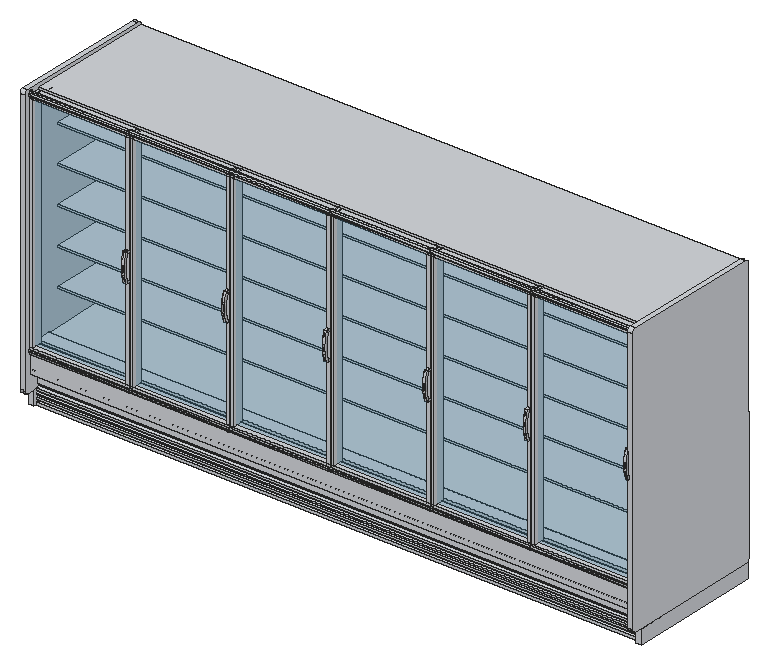
Revit family
Parameters (values of type "ORZH-6 DOOR")
  WIDTH = 42 9/16"  # constant formula
  WEIGHT = 0.00 lbf  # constant formula
  WATER LINE MOUNTING HEIGHT ABOVE FLOOR = 0"  # constant formula
  VOLTAGE = 120 V  # constant formula
  URL = "http://www.hillphoenix.com/?s=ORZH"
  TOP REFRIGERATION [instance] = yes
  TOP ELECTRICAL [instance] = yes
  TIME OFF DEFROST = yes
  T8 LIGHTING BTU ADD PER ROW = 0
  T8 LIGHTING AMPS = T8 LIGHTING AMPS PER ROW * (SHELF LIGHT ROWS + CORNICE AND NOSE LIGHT ROWS)  # 0 A
  STREAMLYNE BUMPER OPTION [instance] = BUMPER TYPE = 2  # no
  STANDARD BUMPER [instance] = BUMPER TYPE = 1  # yes
  SHELVE 5 = yes
  SHELVE 4 = yes
  SHELF LIGHT ROWS = 1  # constant formula
  REVERSE AIR DEFROST = no
  REF PIPE LENGTH = 28 5/8"
  PARALLEL EVAPORATOR LOAD = (BTU PER FOOT PARALLEL * LENGTH FOR BTU) + BTU ADD FOR LIGHTS  # 0
  LIGHTING WATTAGE = if(T8 LIGHT OR LED LIGHT, T8 LIGHTING WATTAGE, LED LIGHTING WATTAGE)  # 0 VA
  LIGHT AMPS = if(T8 LIGHT OR LED LIGHT, T8 LIGHTING AMPS, LED LIGHTING AMPS)  # 0 A
  TOTAL CASE WATTAGE = FAN WATTAGE + ANTI SWEAT HEATER WATTAGE + LIGHTING WATTAGE  # 0 W
  TOTAL CASE AMPS = ANTI SWEAT HEATER AMPS + FAN AMPS + LIGHT AMPS  # 0 A
  TOTAL APPARENT FAN-LIGHT AND A/S LOAD = TOTAL CASE WATTAGE / POWER FACTOR  # 0 VA
  TOEKICK INSET = 1 1/2"  # constant formula
  TOEKICK HEIGHT = 5 1/2"  # constant formula
  TOE KICK [instance] = none
  T8 LIGHTING WATTAGE = VOLTAGE * T8 LIGHTING AMPS  # 0 W
  T8 LIGHTING AMPS PER ROW = 0 A
  T8 LIGHT OR LED LIGHT = no
  SUCTION LINE RADIUS = 7/16"  # constant formula
  SUCTION LINE DIAMETER = SUCTION LINE RADIUS * 2  # 7/8"
  SUCTION LINE CONNECTION = "SUCTION LINE CONNECTION"  # constant formula
  SIZE OF HOT WATER HOOK-UP = 0"  # constant formula
  SIZE OF COLD WATER HOOK UP = 0"  # constant formula
  SHELVE LENGTH = 30"
  SET BACK MODE FOR ENERGY CONSERVATION = "NO"  # constant formula
  RUBBER BUMPER [instance] = none
  RIGHT END [instance] = yes
  REFRIGERATION PIPING [instance] = none
  REF PLANE LEFT RIGHT = LENGTH / 2  # 90"
  REF PLANE FRONT BACK = WIDTH / 2  # 21 9/32"
  RECEPTICAL MOUNTING HEIGHT ABOVE FLOOR = 19 3/4"  # constant formula
  REAR REFRIGERATION [instance] = no
  PVC PIPE [instance] = none
  PRESSURE REGULATOR = 0.00 in-wg  # 0.00 psi
  POWER FACTOR = 1  # constant formula
  PNET NUMBER = "NA"  # constant formula
  PHASE = 1  # constant formula
  PAINTED METAL UPPER SHELF [instance] = none
  PAINTED METAL INTERIOR [instance] = none
  PAINTED METAL EXTERIOR [instance] = none
  NUMBER OF WIRES = 3  # constant formula
  NEMA PLUG TYPE = "N/A"  # constant formula
  Model = "ORZH-6 DOOR"
  Manufacturer = "HILL PHOENIX"  # constant formula
  MASTER BUMPER [instance] = none
  LIQUID LINE RADIUS = 3/16"  # constant formula
  LIQUID LINE DIAMETER = LIQUID LINE RADIUS * 2  # 3/8"
  LIQUID LINE CONNECTION = "LIQUID LINE CONNECTION"  # constant formula
  LIGHTING NUMBER OF POLES = 1
  LIGHTING CONNECTION DESCRIPTION = "LIGHTING CONNECTOR"  # constant formula
  LIGHTING APPARENT LOAD = (VOLTAGE * LIGHT AMPS) / POWER FACTOR  # 0 VA
  LIGHT TYPE = if(T8 LIGHT OR LED LIGHT, "N/A", "CLEARVOYANT LED")  # "CLEARVOYANT LED"
  LENGTH FOR BTU = LENGTH / 12"  # 15
  LENGTH = 180"
  LEGEND NUMBER = Model  # "ORZH-6 DOOR"
  LEFT END [instance] = yes
  LED LIGHTING WATTAGE = VOLTAGE * LED LIGHTING AMPS  # 0 W
  LED LIGHTING BTU ADD PER ROW = 0
  LED LIGHTING AMPS PER ROW = 0 A
  LED LIGHTING AMPS = LED LIGHTING AMPS PER ROW * (SHELF LIGHT ROWS + CORNICE AND NOSE LIGHT ROWS)  # 0 A
  Keynote = "FROZEN FOOD / ICE CREAM"  # constant formula
  ISOLATED GROUND REQUIRED = "NO"  # constant formula
  HOT GAS DEFROST = no
  HILL PHOENIX DRAWING NUMBER = "NA"  # constant formula
  HEIGHT = 85 1/4"  # constant formula
  HALF BUMPER OPTION [instance] = BUMPER TYPE = 3  # no
  GROUND FAULT PROTECTION = "NO"  # constant formula
  FRONT PANEL [instance] = none
  FAN WATTAGE = 0 W
  FAN TYPE = "ECM"  # constant formula
  FAN QUANTITY = 0
  FAN NUMBER OF POLES = 1
  FAN CONNECTOR DESCRIPTION = "FAN AND ANTI SWEAT CONNECTOR"  # constant formula
  FAN APPARENT LOAD = (VOLTAGE * FAN AMPS) / POWER FACTOR  # 0 VA
  FAN AND ANTI SWEAT HEATER APPARENT LOAD = FAN APPARENT LOAD + ANTI SWEAT APPARENT LOAD  # 0 VA
  FAN AMPS = 0 A
  EVAPORATOR TEMPERATURE = 0 °F
  ENGINEERING CONTACT = ""  # constant formula
  END PANEL [instance] = none
  ELECTRICAL DEFROST VOLTAGE = if(ELECTRIC DEFROST, 208 V, 0 V)  # 0 V
  ELECTRIC DEFROST = no
  Description = "High Reach-In Glass Door Merchandiser"  # constant formula
  DRIP PAN PLUMB TYPE = "HARD"  # constant formula
  DRAIN PIPE TYPE = "PVC"  # constant formula
  DRAIN PIPE LENGTH = 0"
  DRAIN LINE RADIUS = DRAIN LINE DIAMETER / 2  # 3/4"
  DRAIN LINE DIAMETER = 1 1/2"  # constant formula
  DRAIN LINE CONNECTION = "Drain Connection"  # constant formula
  DRAIN [instance] = yes
  DOOR TYPES = ORZH_DOOR : ORZH-DOOR 30"
  DOOR LENGTH = 30"
  DOOR 6 = yes
  DOOR 5 = yes
  DOOR 4 = yes
  DOOR 3 = yes
  DOOR 2 = yes
  DOOR 1 = yes
  DISCLAIMER [instance] = yes
  DISCHARGE AIR TEMPERATURE = 0 °F
  DIEBOARD HEIGHT = 0"  # constant formula
  DESIGNERS NAME = "PRAVEEN.J"  # constant formula
  DEFROST WATTAGE = ELECTRICAL DEFROST VOLTAGE * DEFROST AMPS  # 0 W
  DEFROST TIME AND DURATION = if(TIME OFF DEFROST, "2 @ 60 MIN", if(HOT GAS DEFROST, "2 @ 26 MIN.", "2 @ 40 MIN."))  # "2 @ 60 MIN"
  DEFROST PHASE = 1
  DEFROST AMPS = 0 A
  DEDICATED CIRCUIT = "YES"  # constant formula
  DATE = "06/28/12"  # constant formula
  CORNICE AND NOSE LIGHT ROWS = 0
  CONVENTIONAL EVAPORATOR LOAD = (BTU PER FOOT CONVENTIONAL * LENGTH FOR BTU) + BTU ADD FOR LIGHTS  # 0
  CONTROL TYPE = "T-STAT"  # constant formula
  COIL REFRIGERATION CHARGE = 0.00 lbf
  CERTIFICATIONS = "NSF 7, UL471, CSA"  # constant formula
  BUMPER TYPE [instance] = 1
  BTU PER FOOT PARALLEL = 0
  BTU PER FOOT CONVENTIONAL = 0
  BTU ADD PER SHELF PER FOOT = if(T8 LIGHT OR LED LIGHT, T8 LIGHTING BTU ADD PER ROW, LED LIGHTING BTU ADD PER ROW)  # 0
  BTU ADD FOR LIGHTS = BTU ADD PER SHELF PER FOOT * SHELF LIGHT ROWS * LENGTH FOR BTU  # 0
  BOTTOM REFRIGERATION [instance] = yes
  BOTTOM ELECTRICAL [instance] = yes
  BASE HEIGHT = 5 1/8"  # constant formula
  BASE [instance] = none
  Assembly Code = ""
  ANTI SWEAT HEATER WATTAGE = ANTI SWEAT HEATER AMPS * VOLTAGE  # 0 W
  ANTI SWEAT HEATER AMPS = 0 A
  ANTI SWEAT APPARENT LOAD = (ANTI SWEAT HEATER AMPS * VOLTAGE) * POWER FACTOR  # 0 VA
  SHELVE 2 = yes
  SHELVE 1 = yes
  SHELVE 3 = yes
Reference planes (in)
  plane 1: z = 0.01963
  plane 2 "LEFT": x = 0
  plane 3 "CASE RIGHT": x = 180
  plane 4 "CASE BACK": y = -13.74044
  plane 5 "CENTER(LEFT/RIGHT)": x = 90
  plane 6 "CENTER(FRONT/BACK)": y = -35.02169
  plane 7 "FRONT": y = -56.30294
  plane 8: x = 171.3125
  plane 9: x = 171.8125
  plane 10: x = 170.8125
  plane 11: x = 176
  plane 12: z = 13.9375
  plane 13: x = 175.5
  plane 14: x = 176.5
  plane 15: z = 5.125
  plane 16: z = 14.5
  plane 17: z = 85.25
Forms (in)
  Extrusion 1, solid, material <- "BASE"
    sketch origin (0, 0, 0) x (0, 1, 0) y (0, 0, 1)
      loop
        line (-13.74044, 0) -> (-13.74044, 5.125) -> (-51.91044, 5.125) -> (-51.91044, 0.3085) -> (-45.45644, 0.3085) -> (-45.45644, 0) -> (-42.93694, 0) -> (-42.93694, 2.95275) -> (-15.52094, 2.95275) -> (-15.52094, 0) -> (-13.74044, 0)
    from 0 to 180
  Extrusion 2, solid, material <- "TOE KICK"
    sketch origin (0, 0, 0) x (0, 1, 0) y (0, 0, 1)
      loop
        line (-52.04305, 5.125) -> (-52.04305, 5.039)
        arc (-52.04305, 5.039) -> (-52.1895, 4.68545) -> (-52.54305, 4.539) r 0.5
        line (-52.54305, 4.539) -> (-52.58159, 4.539) -> (-52.58159, 4.039) -> (-52.54459, 4.039) -> (-52.04359, 4.22841) -> (-52.23206, 3.64836) -> (-52.26492, 3.5704)
        arc (-52.26492, 3.5704) -> (-52.39671, 3.41126) -> (-52.58159, 3.319) r 0.5
        line (-52.58159, 3.319) -> (-52.58159, 2.819) -> (-52.54459, 2.819) -> (-52.04359, 3.04556) -> (-52.22944, 2.43768)
        arc (-52.22944, 2.43768) -> (-52.36153, 2.22297) -> (-52.58159, 2.1) r 0.5
        line (-52.58159, 2.1) -> (-52.58159, 1.6) -> (-52.54459, 1.6) -> (-52.04359, 1.83969) -> (-52.22944, 1.23181)
        arc (-52.22944, 1.23181) -> (-52.41018, 0.97607) -> (-52.70759, 0.878) r 0.5
        line (-52.70759, 0.878) -> (-52.75859, 0.878) -> (-52.75859, 0) -> (-51.91044, 0) -> (-51.91044, 5.125) -> (-52.04305, 5.125)
    from 0 to 180
  Extrusion 3, solid, material <- "PAINTED METAL EXTERIOR"
    sketch origin (0, 0, 0) x (0, 1, 0) y (0, 0, 1)
      loop
        line (-13.74044, 5.125) -> (-13.74044, 84.81522) -> (-52.05434, 84.81522) -> (-52.05434, 82.78622) -> (-15.84044, 82.78622) -> (-15.84044, 14.54508)
        arc (-15.84044, 14.54508) -> (-17.44759, 10.24162) -> (-21.62729, 8.33563) r 6.00103
        line (-21.62729, 8.33563) -> (-39.02728, 7.72657) -> (-40.68958, 6.51902) -> (-40.76649, 6.51633) -> (-41.28539, 6.21675) -> (-43.66039, 6.21675) -> (-43.98464, 6.40395) -> (-44.06866, 6.40102) -> (-46.02404, 7.48166)
        arc (-46.02404, 7.48166) -> (-50.38276, 9.16691) -> (-52.17678, 13.482) r 5.94506
        line (-52.17678, 13.482) -> (-52.17678, 15.433) -> (-54.21944, 15.433) -> (-54.21944, 10.1108) -> (-48.27759, 5.125) -> (-13.74044, 5.125)
    from 0 to 180
  Extrusion 4, solid, material <- "PAINTED METAL INTERIOR"
    sketch origin (0, 0, 0) x (0, 1, 0) y (0, 0, 1)
      loop
        line (-17.86944, 18.02899) -> (-21.88627, 18.00434) -> (-48.24444, 17.25888) -> (-48.24444, 17.476)
        arc (-48.24444, 17.476) -> (-48.26816, 17.53328) -> (-48.32544, 17.557) r 0.081
        line (-48.32544, 17.557) -> (-52.17678, 17.557) -> (-52.17678, 13.482)
        arc (-52.17678, 13.482) -> (-50.38276, 9.16691) -> (-46.02404, 7.48166) r 5.94506
        line (-46.02404, 7.48166) -> (-44.06866, 6.40102) -> (-43.98464, 6.40395) -> (-43.66039, 6.21675) -> (-41.28539, 6.21675) -> (-40.76649, 6.51633) -> (-40.68958, 6.51902) -> (-39.02728, 7.72657) -> (-21.62729, 8.33563)
        arc (-21.62729, 8.33563) -> (-17.44759, 10.24162) -> (-15.84044, 14.54508) r 6.00103
        line (-15.84044, 14.54508) -> (-15.84044, 82.78622) -> (-48.34234, 82.78622) -> (-48.34234, 82.72722)
        arc (-48.34234, 82.72722) -> (-48.31305, 82.65651) -> (-48.24234, 82.62722) r 0.1
        line (-48.24234, 82.62722) -> (-47.69234, 82.62722)
        arc (-47.69234, 82.62722) -> (-47.62163, 82.59794) -> (-47.59234, 82.52722) r 0.1
        line (-47.59234, 82.52722) -> (-47.59234, 80.72722)
        arc (-47.59234, 80.72722) -> (-47.56305, 80.65651) -> (-47.49234, 80.62722) r 0.1
        line (-47.49234, 80.62722) -> (-47.12934, 80.62722)
        arc (-47.12934, 80.62722) -> (-47.05863, 80.65651) -> (-47.02934, 80.72722) r 0.1
        line (-47.02934, 80.72722) -> (-47.02934, 80.8489) -> (-44.82594, 80.8489) -> (-44.82594, 80.78422) -> (-24.91719, 80.78422) -> (-24.91719, 80.15922) -> (-18.91744, 80.15922)
        arc (-18.91744, 80.15922) -> (-18.18688, 79.87584) -> (-17.88144, 79.15422) r 1.00569
        line (-17.88144, 79.15422) -> (-17.86944, 79.12125) -> (-17.86944, 18.02899)
    from 0 to 180
  Extrusion 5, solid, material <- "FRONT PANEL"
    sketch origin (0, 0, 0) x (0, 1, 0) y (0, 0, 1)
      loop
        line (-48.27759, 5.125) -> (-52.63885, 8.78453) -> (-52.71604, 8.70734) -> (-52.37919, 8.42469) -> (-52.37919, 5.7165) -> (-52.04305, 5.7165) -> (-52.04305, 5.125) -> (-48.27759, 5.125)
    from 0 to 180
  Extrusion 6, solid, material <- "MASTER BUMPER", visible <- "STREAMLYNE BUMPER OPTION"
    sketch origin (0, 0, 0) x (0, 1, 0) y (0, 0, 1)
      loop
        line (-52.77318, 8.71234) -> (-52.71604, 8.70734) -> (-52.63885, 8.78453) -> (-54.21944, 10.1108) -> (-54.21944, 15.433) -> (-52.17678, 15.433) -> (-52.17678, 15.807) -> (-54.88044, 15.807) -> (-54.88044, 12.55473)
        arc (-54.88044, 12.55473) -> (-55.19435, 12.44667) -> (-55.40863, 12.1931) r 0.625
        arc (-55.40863, 12.1931) -> (-56.17505, 9.7564) -> (-56.29913, 7.20504) r 10
        arc (-56.29913, 7.20504) -> (-56.25933, 7.12313) -> (-56.17453, 7.08996) r 0.125
        line (-56.17453, 7.08996) -> (-55.62004, 7.08804) -> (-55.56721, 7.09975) -> (-52.77318, 8.71234)
    from 0 to 180
  Extrusion 7, solid, material <- "PAINTED METAL UPPER SHELF"
    sketch origin (0, 0, 0) x (0, 1, 0) y (0, 0, 1)
      loop
        line (-44.86988, 72.32775) -> (-44.86988, 71.7965) -> (-38.12583, 71.7965) -> (-38.12583, 71.62783) -> (-21.76332, 70.34395)
        arc (-21.76332, 70.34395) -> (-21.07008, 70.16561) -> (-20.45578, 69.79814) r 2.5
        line (-20.45578, 69.79814) -> (-18.95099, 68.57439)
        arc (-18.95099, 68.57439) -> (-18.64827, 68.4047) -> (-18.30551, 68.35033) r 0.98664
        line (-18.30551, 68.35033) -> (-17.86944, 68.35882) -> (-17.86944, 72.32775) -> (-44.86988, 72.32775)
      loop
        line (-44.86988, 61.35881) -> (-44.86988, 60.82756) -> (-38.12583, 60.82756) -> (-38.12583, 60.65889) -> (-21.76332, 59.37501)
        arc (-21.76332, 59.37501) -> (-21.07008, 59.19667) -> (-20.45578, 58.8292) r 2.5
        line (-20.45578, 58.8292) -> (-18.95099, 57.60545)
        arc (-18.95099, 57.60545) -> (-18.64827, 57.43576) -> (-18.30551, 57.38139) r 0.98664
        line (-18.30551, 57.38139) -> (-17.86944, 57.38988) -> (-17.86944, 61.35881) -> (-44.86988, 61.35881)
      loop
        line (-44.86988, 50.35881) -> (-44.86988, 49.82756) -> (-38.12583, 49.82756) -> (-38.12583, 49.65889) -> (-21.76332, 48.37501)
        arc (-21.76332, 48.37501) -> (-21.07008, 48.19667) -> (-20.45578, 47.8292) r 2.5
        line (-20.45578, 47.8292) -> (-18.95099, 46.60545)
        arc (-18.95099, 46.60545) -> (-18.64827, 46.43576) -> (-18.30551, 46.38139) r 0.98664
        line (-18.30551, 46.38139) -> (-17.86988, 46.38987) -> (-17.86988, 50.35881) -> (-44.86988, 50.35881)
      loop
        line (-44.86988, 39.35881) -> (-44.86988, 38.82756) -> (-38.12583, 38.82756) -> (-38.12583, 38.65889) -> (-21.76332, 37.37501)
        arc (-21.76332, 37.37501) -> (-21.07008, 37.19667) -> (-20.45578, 36.8292) r 2.5
        line (-20.45578, 36.8292) -> (-18.95099, 35.60545)
        arc (-18.95099, 35.60545) -> (-18.64827, 35.43576) -> (-18.30551, 35.38139) r 0.98664
        line (-18.30551, 35.38139) -> (-17.86988, 35.38987) -> (-17.86988, 39.35881) -> (-44.86988, 39.35881)
      loop
        line (-44.86988, 28.35881) -> (-44.86988, 27.82756) -> (-38.12583, 27.82756) -> (-38.12583, 27.65889) -> (-21.76332, 26.37501)
        arc (-21.76332, 26.37501) -> (-21.07008, 26.19667) -> (-20.45578, 25.8292) r 2.5
        line (-20.45578, 25.8292) -> (-18.95099, 24.60545)
        arc (-18.95099, 24.60545) -> (-18.64827, 24.43576) -> (-18.30551, 24.38139) r 0.98664
        line (-18.30551, 24.38139) -> (-17.86988, 24.38987) -> (-17.86988, 28.35881) -> (-44.86988, 28.35881)
    from 0 to 180
  Extrusion 8, void
    sketch origin (0, 0, 0) x (1, 0, 0) y (0, 1, 0)
      loop
        circle (90, -42.24044) r 1
    from 0 to 5
  Extrusion 9, solid, material <- "PVC PIPE", visible <- "DRAIN"
    sketch origin (0, 0, 0) x (1, 0, 0) y (0, 1, 0)
      loop
        circle (90, -42.24044) r 0.75
    from 0 to 5
  Extrusion 10, void
    sketch origin (0, 0, 0) x (1, 0, 0) y (0, 1, 0)
      loop
        circle (171.3125, -42.36544) r 1.25
    from 0 to 5
  Extrusion 11, solid, material <- "REFRIGERATION PIPING", visible <- "BOTTOM REFRIGERATION"
    sketch origin (0, 0, 0) x (1, 0, 0) y (0, 1, 0)
      loop
        circle (171.8125, -42.36544) r 0.4375
      loop
        circle (170.8125, -42.36544) r 0.1875
    from 0 to 5
  Extrusion 12, void
    sketch origin (-240, -13.74044, 81.67207) x (0, 0, -1) y (-1, 0, 0)
      loop
        circle (67.17207, -416) r 1.25
    from 0 to -5
  Extrusion 13, solid, material <- "REFRIGERATION PIPING", visible <- "REAR REFRIGERATION"
    sketch origin (-240, -13.74044, 81.67207) x (0, 0, 1) y (-1, 0, 0)
      loop
        circle (-67.17207, -416.5) r 0.1875
      loop
        circle (-67.21519, -415.5) r 0.4375
    from 0 to 5
  Extrusion 14, void
    sketch origin (0, 0, 0) x (1, 0, 0) y (0, 1, 0)
      loop
        line (14.5, -48.24444) -> (14.5, -51.54868) -> (26.5, -51.54868) -> (26.5, -48.24444) -> (14.5, -48.24444)
    from 0 to 5
  Extrusion 15, solid, visible <- "BOTTOM ELECTRICAL"
    sketch origin (0, 0, 0) x (1, 0, 0) y (0, 1, 0)
      loop
        circle (16.05, -49.74853) r 0.375
      loop
        circle (18.25, -49.74853) r 0.375
    from 0 to 5
  Sweep 16, solid, material <- "END PANEL", visible <- "LEFT END"
    path origin (0, 0, 0) x (1, 0, 0) y (0, 1, 0)
      loop
        line (0, -3.74044) -> (-1.5, -3.74044)
    profile origin (-0.75, -3.74044, 0) x (0, -1, 0) y (0, 0, 1)
      loop
        arc (9.79511, 5.30777) -> (10.088, 4.60066) -> (10.79511, 4.30777) r 1
        line (10.79511, 4.30777) -> (51.88911, 4.30777)
        arc (51.88911, 4.30777) -> (52.59622, 4.60066) -> (52.88911, 5.30777) r 1
        line (52.88911, 5.30777) -> (52.88911, 84.58455)
        arc (52.88911, 84.58455) -> (52.59622, 85.29166) -> (51.88911, 85.58455) r 1
        line (51.88911, 85.58455) -> (10.79511, 85.58455)
        arc (10.79511, 85.58455) -> (10.088, 85.29166) -> (9.79511, 84.58455) r 1
        line (9.79511, 84.58455) -> (9.79511, 5.30777)
  Sweep 17, solid, material <- "END PANEL", visible <- "RIGHT END"
    path origin (150, 0, 0) x (-1, 0, 0) y (0, 1, 0)
      loop
        line (-30, -3.74044) -> (-31.5, -3.74044)
    profile origin (180.75, -3.74044, 0) x (0, 1, 0) y (0, 0, 1)
      loop
        line (-9.79511, 5.30777) -> (-9.79511, 84.58455)
        arc (-9.79511, 84.58455) -> (-10.088, 85.29166) -> (-10.79511, 85.58455) r 1
        line (-10.79511, 85.58455) -> (-51.88911, 85.58455)
        arc (-51.88911, 85.58455) -> (-52.59622, 85.29166) -> (-52.88911, 84.58455) r 1
        line (-52.88911, 84.58455) -> (-52.88911, 5.30777)
        arc (-52.88911, 5.30777) -> (-52.59622, 4.60066) -> (-51.88911, 4.30777) r 1
        line (-51.88911, 4.30777) -> (-10.79511, 4.30777)
        arc (-10.79511, 4.30777) -> (-10.088, 4.60066) -> (-9.79511, 5.30777) r 1
  Sweep 18, solid, material <- "END PANEL", visible <- "LEFT END"
    path origin (0, 0, 0) x (1, 0, 0) y (0, 1, 0)
      loop
        line (0, -9.74044) -> (-1.5, -9.74044)
    profile origin (-0.75, -9.74044, 0) x (0, -1, 0) y (0, 0, 1)
      loop
        line (4, 4.30777) -> (4, -0.00223) -> (43.75, -0.00223) -> (43.75, 4.30777) -> (4, 4.30777)
  Sweep 19, solid, material <- "END PANEL", visible <- "RIGHT END"
    path origin (150, 0, 0) x (-1, 0, 0) y (0, 1, 0)
      loop
        line (-30, -9.74044) -> (-31.5, -9.74044)
    profile origin (180.75, -9.74044, 0) x (0, 1, 0) y (0, 0, 1)
      loop
        line (-4, 4.30777) -> (-43.75, 4.30777) -> (-43.75, -0.00223) -> (-4, -0.00223) -> (-4, 4.30777)
  Extrusion 20, solid, material <- "MASTER BUMPER", visible <- "HALF BUMPER OPTION"
    sketch origin (0, 0, 0) x (0, 1, 0) y (0, 0, 1)
      loop
        line (-52.22884, 15.782) -> (-54.87383, 15.782) -> (-54.87383, 12.69721)
        arc (-54.87383, 12.69721) -> (-55.13792, 12.57095) -> (-55.31513, 12.33796) r 0.62262
        arc (-55.31513, 12.33796) -> (-55.92197, 10.47213) -> (-56.16312, 8.52496) r 10.27593
        arc (-56.16312, 8.52496) -> (-56.69446, 7.89715) -> (-56.1012, 7.32748) r 0.60072
        line (-56.1012, 7.32748) -> (-56.10042, 7.28252)
        arc (-56.10042, 7.28252) -> (-56.08134, 7.23866) -> (-56.03684, 7.22112) r 0.0625
        line (-56.03684, 7.22112) -> (-52.37919, 7.22112) -> (-52.37919, 8.56665) -> (-54.21944, 10.1108) -> (-54.21944, 15.433) -> (-52.22884, 15.433) -> (-52.22884, 15.782)
    from 0 to 180
  Extrusion 21, solid, material <- "MASTER BUMPER", visible <- "STANDARD BUMPER"
    sketch origin (0, 0, 0) x (0, 1, 0) y (0, 0, 1)
      loop
        line (-52.22884, 15.433) -> (-52.22884, 15.782) -> (-54.87383, 15.782) -> (-54.87383, 9.15373) -> (-54.21944, 10.02426) -> (-54.21944, 15.433) -> (-52.22884, 15.433)
    from 0 to 180
Cuts and joins
  Extrusion 8, Extrusion 10, Extrusion 14 cuts Extrusion 1
  Extrusion 12 cuts Extrusion 3
Lines and regions (in)
  model lines, visible <- "SHELVE 1"
    curve 1: line (30, -17.86944, 72.32775) -> (30, -41.86988, 72.32775)
    curve 5: line (30, -17.86944, 61.35881) -> (30, -44.86988, 61.35881)
    curve 9: line (30, -17.86944, 50.35881) -> (30, -44.86988, 50.35881)
    curve 13: line (30, -17.86944, 39.35881) -> (30, -44.86988, 39.35881)
    curve 17: line (30, -17.86944, 28.35881) -> (30, -44.86988, 28.35881)
  model lines, visible <- "SHELVE 2"
    curve 2: line (60, -17.86944, 72.32775) -> (60, -41.86988, 72.32775)
    curve 6: line (60, -17.86944, 61.35881) -> (60, -44.86988, 61.35881)
    curve 10: line (60, -17.86944, 50.35881) -> (60, -44.86988, 50.35881)
    curve 14: line (60, -17.86944, 39.35881) -> (60, -44.86988, 39.35881)
    curve 18: line (60, -17.86944, 28.35881) -> (60, -44.86988, 28.35881)
  model lines, visible <- "SHELVE 3"
    curve 3: line (90, -17.86944, 72.32775) -> (90, -41.86988, 72.32775)
    curve 7: line (90, -17.86944, 61.35881) -> (90, -44.86988, 61.35881)
    curve 11: line (90, -17.86944, 50.35881) -> (90, -44.86988, 50.35881)
    curve 15: line (90, -17.86944, 39.35881) -> (90, -44.86988, 39.35881)
    curve 19: line (90, -17.86944, 28.35881) -> (90, -44.86988, 28.35881)
  model lines, visible <- "SHELVE 5"
    curve 4: line (120, -17.86944, 72.32775) -> (120, -44.86988, 72.32775)
    curve 8: line (120, -17.86944, 61.35881) -> (120, -44.86988, 61.35881)
    curve 12: line (120, -17.86944, 50.35881) -> (120, -44.86988, 50.35881)
    curve 16: line (120, -17.86944, 39.35881) -> (120, -44.86988, 39.35881)
    curve 20: line (120, -17.86944, 28.35881) -> (120, -44.86988, 28.35881)
    curve 41: line (150, -17.86944, 72.32775) -> (150, -44.86988, 72.32775)
    curve 42: line (150, -17.86944, 61.35881) -> (150, -44.86988, 61.35881)
    curve 43: line (150, -17.86944, 50.35881) -> (150, -44.86988, 50.35881)
    curve 44: line (150, -17.86944, 39.35881) -> (150, -44.86988, 39.35881)
    curve 45: line (150, -17.86944, 28.35881) -> (150, -44.86988, 28.35881)
  model lines, visible <- "SHELVE 1", not visible
    curve 21: line (30, -17.86944, 72.32775) -> (30, -41.86988, 72.32775)
    curve 22: line (30, -17.86944, 61.35881) -> (30, -44.86988, 61.35881)
    curve 23: line (30, -17.86944, 50.35881) -> (30, -44.86988, 50.35881)
    curve 24: line (30, -17.86944, 39.35881) -> (30, -44.86988, 39.35881)
    curve 25: line (30, -17.86944, 28.35881) -> (30, -44.86988, 28.35881)
  model lines, visible <- "SHELVE 2", not visible
    curve 26: line (60, -17.86944, 72.32775) -> (60, -41.86988, 72.32775)
    curve 27: line (60, -17.86944, 61.35881) -> (60, -44.86988, 61.35881)
    curve 28: line (60, -17.86944, 50.35881) -> (60, -44.86988, 50.35881)
    curve 29: line (60, -17.86944, 39.35881) -> (60, -44.86988, 39.35881)
    curve 30: line (60, -17.86944, 28.35881) -> (60, -44.86988, 28.35881)
  model lines, visible <- "SHELVE 3", not visible
    curve 31: line (90, -17.86944, 72.32775) -> (90, -41.86988, 72.32775)
    curve 32: line (90, -17.86944, 61.35881) -> (90, -44.86988, 61.35881)
    curve 33: line (90, -17.86944, 50.35881) -> (90, -44.86988, 50.35881)
    curve 34: line (90, -17.86944, 39.35881) -> (90, -44.86988, 39.35881)
    curve 35: line (90, -17.86944, 28.35881) -> (90, -44.86988, 28.35881)
  model lines, visible <- "SHELVE 5", not visible
    curve 36: line (120, -17.86944, 72.32775) -> (120, -44.86988, 72.32775)
    curve 37: line (120, -17.86944, 61.35881) -> (120, -44.86988, 61.35881)
    curve 38: line (120, -17.86944, 50.35881) -> (120, -44.86988, 50.35881)
    curve 39: line (120, -17.86944, 39.35881) -> (120, -44.86988, 39.35881)
    curve 40: line (120, -17.86944, 28.35881) -> (120, -44.86988, 28.35881)
Dimensions and locks (in)
  "REF PLANE LEFT RIGHT": plane 2 "LEFT" to plane 5 "CENTER(LEFT/RIGHT)"
  "LENGTH": plane 2 "LEFT" to plane 3 "CASE RIGHT"
  "REF PLANE FRONT BACK": plane 6 "CENTER(FRONT/BACK)" to plane 4 "CASE BACK"
  plane 10 to plane 9 to plane 3 "CASE RIGHT" = 1" locked, 8 3/16" locked
  plane 10 to plane 8 to plane 3 "CASE RIGHT" = 1/2", 8 11/16"
  "WIDTH": plane 7 "FRONT" to plane 4 "CASE BACK"
  locked: plane 11 to plane 3 "CASE RIGHT" at 4
  plane 13 to plane 11 to plane 14 = 1/2", 1/2"
  plane 7 "FRONT" to plane 4 "CASE BACK" = 42 9/16"
  "WIDTH": plane 4 "CASE BACK" to plane 7 "FRONT"
  plane 15 to level = 5 1/8"
  "DOOR LENGTH": nested 2 to plane 2 "LEFT"
  "DOOR LENGTH": nested 3 to nested 2
  "DOOR LENGTH": nested 4 to nested 3
  "DOOR LENGTH": nested 5 to nested 4
  "SHELVE LENGTH": plane 2 "LEFT" to curve 1
  "SHELVE LENGTH": curve 1 to curve 2
  "SHELVE LENGTH": curve 2 to curve 3
  "SHELVE LENGTH": curve 3 to curve 4
  locked: plane 5 "CENTER(LEFT/RIGHT)" to Extrusion 8 sketch curve at 1
  locked: plane 5 "CENTER(LEFT/RIGHT)" to Extrusion 9 sketch curve at 0.75
  locked: plane 8 to Extrusion 10 sketch curve at 1.25
  locked: Extrusion 11 sketch curve to plane 10 at 0.1875
  locked: plane 9 to Extrusion 11 sketch curve at 0.4375
  locked: Extrusion 12 sketch curve to plane 11 at 1.25
  locked: Extrusion 13 sketch curve to plane 14 at 0.1875
  locked: Extrusion 13 sketch curve to plane 13 at 0.4375
  "SHELVE LENGTH": nested 5 to curve 41
  "DOOR LENGTH": nested 7 to nested 5
  "HEIGHT": plane 17 to level
  aligned and locked: plane 3 "CASE RIGHT" to Extrusion 4
  aligned and locked: plane 3 "CASE RIGHT" to Extrusion 3
  aligned and locked: plane 3 "CASE RIGHT" to Extrusion 7
  aligned and locked: plane 3 "CASE RIGHT" to Extrusion 5
  aligned and locked: plane 3 "CASE RIGHT" to Extrusion 1
  aligned and locked: plane 3 "CASE RIGHT" to Extrusion 2
  aligned and locked: plane 3 "CASE RIGHT" to Extrusion 6
  aligned and locked: plane 3 "CASE RIGHT" to Extrusion 21
  aligned and locked: plane 3 "CASE RIGHT" to Extrusion 20
Automatic sketch dimensions
  Extrusion 1 sketch curve to plane 15 = 0"
  Extrusion 1 sketch curve to level = 0"  (x2)
  Extrusion 1 sketch curve to plane 4 "CASE BACK" = 0"
  plane 4 "CASE BACK" to Extrusion 1 sketch curve = 1.7805"
  plane 6 "CENTER(FRONT/BACK)" to Extrusion 1 sketch curve = 7.91525"
  plane 1 to Extrusion 1 sketch curve = 0.28887"
  Extrusion 1 sketch curve to Extrusion 1 sketch curve = 2.5195"
  Extrusion 1 sketch curve to plane 7 "FRONT" = 4.3925"
  Extrusion 1 sketch curve to plane 15 = 2.17225"
  Extrusion 2 sketch curve to level = 0"
  Extrusion 2 sketch curve to plane 15 = 0"
  plane 1 to Extrusion 2 sketch curve = 0.85837"
  Extrusion 2 sketch curve to plane 7 "FRONT" = 3.54435"
  Extrusion 2 sketch curve to Extrusion 2 sketch curve = 0.051"
  Extrusion 2 sketch curve to Extrusion 2 sketch curve = 0"  (x2)
  Extrusion 2 sketch curve to Extrusion 2 sketch curve = 0.126"  (x3)
  Extrusion 2 sketch curve to plane 15 = 1.086"
  Extrusion 2 sketch curve to Extrusion 2 sketch curve = 0.037"  (x3)
  Extrusion 2 sketch curve to Extrusion 2 sketch curve = 0.03854"
  Extrusion 2 sketch curve to plane 15 = 1.5546"
  Extrusion 2 sketch curve to Extrusion 2 sketch curve = 0.31667"
  Extrusion 2 sketch curve to plane 15 = 1.47664"
  Extrusion 2 sketch curve to Extrusion 2 sketch curve = 0.03285"
  Extrusion 2 sketch curve to Extrusion 2 sketch curve = 0.35215"
  Extrusion 2 sketch curve to Extrusion 2 sketch curve = 0.31515"
  plane 1 to Extrusion 2 sketch curve = 1.82006"
  Extrusion 2 sketch curve to Extrusion 2 sketch curve = 0.501"  (x3)
  Extrusion 2 sketch curve to plane 15 = 0.89659"
  Extrusion 2 sketch curve to plane 15 = 2.07944"
  Extrusion 2 sketch curve to plane 15 = 0.086"
  Extrusion 2 sketch curve to Extrusion 2 sketch curve = 1/2"  (x2)
  Extrusion 2 sketch curve to Extrusion 2 sketch curve = 0.13261"
  Extrusion 2 sketch curve to Extrusion 2 sketch curve = 0.35381"
  Extrusion 2 sketch curve to Extrusion 2 sketch curve = 0.222"
  Extrusion 2 sketch curve to Extrusion 2 sketch curve = 0.33768"
  Extrusion 2 sketch curve to Extrusion 2 sketch curve = 0.23514"
  Extrusion 2 sketch curve to Extrusion 2 sketch curve = 0.2514"
  Extrusion 5 sketch curve to plane 15 = 0"
  Extrusion 5 sketch curve to plane 7 "FRONT" = 3.5869"
  Extrusion 5 sketch curve to Extrusion 5 sketch curve = 0.07719"  (x2)
  Extrusion 5 sketch curve to Extrusion 5 sketch curve = 0.33685"
  Extrusion 5 sketch curve to Extrusion 5 sketch curve = 0.33614"
  Extrusion 5 sketch curve to Extrusion 5 sketch curve = 3.76546"
  plane 15 to Extrusion 5 sketch curve = 0.5915"
  Extrusion 5 sketch curve to Extrusion 5 sketch curve = 2.70819"
  Extrusion 5 sketch curve to Extrusion 5 sketch curve = 0.28265"
  Extrusion 6 sketch curve to plane 7 "FRONT" = 0.00381"
  Extrusion 6 sketch curve to Extrusion 6 sketch curve = 0"  (x2)
  Extrusion 6 sketch curve to plane 7 "FRONT" = 0.12841"
  Extrusion 6 sketch curve to Extrusion 6 sketch curve = 0.55448"
  Extrusion 6 sketch curve to Extrusion 6 sketch curve = 0.05283"
  Extrusion 6 sketch curve to plane 7 "FRONT" = 0.89431"
  Extrusion 6 sketch curve to Extrusion 6 sketch curve = 0.52819"
  Extrusion 6 sketch curve to Extrusion 6 sketch curve = 0.56737"
  Extrusion 6 sketch curve to Extrusion 6 sketch curve = 0.661"
  Extrusion 6 sketch curve to Extrusion 6 sketch curve = 1.44626"
  Extrusion 6 sketch curve to Extrusion 6 sketch curve = 0.05714"
  Extrusion 6 sketch curve to Extrusion 6 sketch curve = 0.07719"  (x2)
  plane 16 to Extrusion 6 sketch curve = 0.933"
  Extrusion 6 sketch curve to Extrusion 6 sketch curve = 2.04266"
  plane 15 to Extrusion 6 sketch curve = 2.87392"
  Extrusion 6 sketch curve to Extrusion 6 sketch curve = 6.30815"
  plane 15 to Extrusion 6 sketch curve = 2.08996"
  Extrusion 6 sketch curve to Extrusion 6 sketch curve = 0.00979"
  Extrusion 6 sketch curve to Extrusion 6 sketch curve = 3/256"
  Extrusion 6 sketch curve to Extrusion 6 sketch curve = 1.60759"
  Extrusion 6 sketch curve to Extrusion 6 sketch curve = 0.005"
  Extrusion 6 sketch curve to Extrusion 6 sketch curve = 1.82016"
  Extrusion 6 sketch curve to Extrusion 6 sketch curve = 0.374"
  Extrusion 8 sketch curve to plane 5 "CENTER(LEFT/RIGHT)" = 0"
  plane 6 "CENTER(FRONT/BACK)" to Extrusion 8 sketch curve = 7 7/32"
  Extrusion 9 sketch curve to plane 5 "CENTER(LEFT/RIGHT)" = 0"
  plane 6 "CENTER(FRONT/BACK)" to Extrusion 9 sketch curve = 7 7/32"
  Extrusion 10 sketch curve to plane 8 = 0"
  plane 6 "CENTER(FRONT/BACK)" to Extrusion 10 sketch curve = 7 11/32"
  Extrusion 11 sketch curve to plane 10 = 0"
  Extrusion 11 sketch curve to plane 9 = 0"
  plane 6 "CENTER(FRONT/BACK)" to Extrusion 11 sketch curve = 7 11/32"
  Extrusion 11 sketch curve to Extrusion 11 sketch curve = 0"
  plane 11 to Extrusion 12 sketch curve = 0"
  Extrusion 12 sketch curve to plane 16 = 0"
  plane 13 to Extrusion 13 sketch curve = 0"
  plane 14 to Extrusion 13 sketch curve = 0"
  Extrusion 13 sketch curve to plane 16 = 0"
  Extrusion 13 sketch curve to plane 16 = 0.04312"
  Extrusion 14 sketch curve to plane 7 "FRONT" = 4.75426"
  plane 2 "LEFT" to Extrusion 14 sketch curve = 14 1/2"
  Extrusion 14 sketch curve to Extrusion 14 sketch curve = 12"
  Extrusion 14 sketch curve to Extrusion 14 sketch curve = 3.30424"
  Extrusion 15 sketch curve to plane 7 "FRONT" = 6.55441"
  plane 2 "LEFT" to Extrusion 15 sketch curve = 16.05"
  Extrusion 15 sketch curve to Extrusion 15 sketch curve = 2.2"
  Extrusion 15 sketch curve to Extrusion 15 sketch curve = 0"
  Sweep 16 sketch curve to plane 2 "LEFT" = 0"
  Sweep 16 sketch curve to plane 2 "LEFT" = 1 1/2"
  Sweep 16 sketch curve to plane 4 "CASE BACK" = 10"
  Sweep 17 sketch curve to plane 3 "CASE RIGHT" = 0"
  Sweep 17 sketch curve to plane 3 "CASE RIGHT" = 1 1/2"
  plane 4 "CASE BACK" to Sweep 17 sketch curve = 10"
  Sweep 18 sketch curve to plane 2 "LEFT" = 0"
  Sweep 18 sketch curve to plane 2 "LEFT" = 1 1/2"
  Sweep 18 sketch curve to plane 4 "CASE BACK" = 4"
  Sweep 18 sketch curve to level = 0.00223"
  Sweep 18 sketch curve to profile plane = 4"
  level to Sweep 18 sketch curve = 4.30777"
  Sweep 18 sketch curve to Sweep 18 sketch curve = 39 3/4"
  Sweep 19 sketch curve to plane 3 "CASE RIGHT" = 0"
  Sweep 19 sketch curve to plane 3 "CASE RIGHT" = 1 1/2"
  plane 4 "CASE BACK" to Sweep 19 sketch curve = 4"
  level to Sweep 19 sketch curve = 4.30777"
  profile plane to Sweep 19 sketch curve = 43 3/4"
  Sweep 19 sketch curve to level = 0.00223"
  profile plane to Sweep 19 sketch curve = 4"
  plane 15 to Extrusion 20 sketch curve = 3.39996"
  Extrusion 20 sketch curve to plane 7 "FRONT" = 0.13982"
  Extrusion 20 sketch curve to Extrusion 20 sketch curve = 0.06192"
  Extrusion 20 sketch curve to Extrusion 20 sketch curve = 0.00078"
  Extrusion 20 sketch curve to Extrusion 20 sketch curve = 0.06858"
  Extrusion 20 sketch curve to Extrusion 20 sketch curve = 1/16"
  Extrusion 20 sketch curve to Extrusion 20 sketch curve = 0.00109"
  Extrusion 20 sketch curve to plane 12 = 1.59954"
  Extrusion 20 sketch curve to Extrusion 20 sketch curve = 0.84799"
  Extrusion 20 sketch curve to Extrusion 20 sketch curve = 0.4413"
  Extrusion 20 sketch curve to Extrusion 20 sketch curve = 0.57028"
  Extrusion 20 sketch curve to Extrusion 20 sketch curve = 0.65439"
  Extrusion 20 sketch curve to Extrusion 20 sketch curve = 1.84025"
  Extrusion 20 sketch curve to Extrusion 20 sketch curve = 1.9906"
  Extrusion 20 sketch curve to plane 7 "FRONT" = 10.41183"
  Extrusion 20 sketch curve to Extrusion 20 sketch curve = 0.5968"
  Extrusion 20 sketch curve to Extrusion 20 sketch curve = 0.04386"
  Extrusion 20 sketch curve to Extrusion 20 sketch curve = 0.04495"
  Extrusion 20 sketch curve to Extrusion 20 sketch curve = 1.34553"
  Extrusion 20 sketch curve to Extrusion 20 sketch curve = 1.54415"
  Extrusion 20 sketch curve to Extrusion 20 sketch curve = 0.24986"
  plane 16 to Extrusion 20 sketch curve = 0.933"
  Extrusion 20 sketch curve to Extrusion 20 sketch curve = 0.349"
  Extrusion 21 sketch curve to plane 7 "FRONT" = 1.42911"
  Extrusion 21 sketch curve to Extrusion 21 sketch curve = 0.65439"
  Extrusion 21 sketch curve to Extrusion 21 sketch curve = 1.9906"
  Extrusion 21 sketch curve to plane 12 = 4.78377"
  Extrusion 21 sketch curve to Extrusion 21 sketch curve = 0.87053"
  plane 16 to Extrusion 21 sketch curve = 0.933"
  Extrusion 21 sketch curve to Extrusion 21 sketch curve = 0.349"
  plane 6 "CENTER(FRONT/BACK)" to Extrusion 7 sketch curve = 9.84819"  (x5)
  plane 6 "CENTER(FRONT/BACK)" to Extrusion 7 sketch curve = 3.10414"  (x5)
  plane 4 "CASE BACK" to Extrusion 7 sketch curve = 8.29269"  (x5)
  Extrusion 7 sketch curve to Extrusion 7 sketch curve = 0.2698"  (x5)
  Extrusion 7 sketch curve to Extrusion 7 sketch curve = 1.30754"  (x5)
  Extrusion 7 sketch curve to Extrusion 7 sketch curve = 1.50479"  (x5)
  Extrusion 7 sketch curve to Extrusion 7 sketch curve = 0.62627"  (x5)
  Extrusion 7 sketch curve to Extrusion 7 sketch curve = 0.64548"  (x5)
  Extrusion 7 sketch curve to Extrusion 7 sketch curve = 0.43563"
  Extrusion 7 sketch curve to Extrusion 7 sketch curve = 0.45484"  (x2)
  Extrusion 7 sketch curve to Extrusion 7 sketch curve = 0.43607"
  Extrusion 7 sketch curve to Extrusion 7 sketch curve = 0.45528"
  plane 16 to Extrusion 7 sketch curve = 9.38961"
  Extrusion 7 sketch curve to Extrusion 7 sketch curve = 0.49178"  (x5)
  Extrusion 7 sketch curve to Extrusion 7 sketch curve = 0.00848"  (x3)
  Extrusion 7 sketch curve to Extrusion 7 sketch curve = 0.22406"  (x5)
  Extrusion 7 sketch curve to Extrusion 7 sketch curve = 1.22375"  (x5)
  plane 16 to Extrusion 7 sketch curve = 13.15889"
  Extrusion 7 sketch curve to Extrusion 7 sketch curve = 0.16867"  (x5)
  Extrusion 7 sketch curve to Extrusion 7 sketch curve = 2.99097"
  Extrusion 7 sketch curve to Extrusion 7 sketch curve = 6.5308"  (x3)
  Extrusion 7 sketch curve to Extrusion 7 sketch curve = 10.83133"  (x3)
  Extrusion 7 sketch curve to Extrusion 7 sketch curve = 17/32"  (x4)
  Extrusion 7 sketch curve to Extrusion 7 sketch curve = 0.00849"  (x2)
  Extrusion 7 sketch curve to Extrusion 7 sketch curve = 6.49974"
  Extrusion 7 sketch curve to Extrusion 7 sketch curve = 10.80027"
  Extrusion 4 sketch curve to plane 7 "FRONT" = 4.12616"
  Extrusion 4 sketch curve to plane 17 = 2.46378"
  Extrusion 4 sketch curve to plane 7 "FRONT" = 7.9606"
  Extrusion 4 sketch curve to Extrusion 4 sketch curve = 3.85134"
  Extrusion 4 sketch curve to Extrusion 4 sketch curve = 0.081"
  Extrusion 4 sketch curve to Extrusion 4 sketch curve = 0.1"  (x4)
  Extrusion 4 sketch curve to Extrusion 4 sketch curve = 0.55"
  Extrusion 4 sketch curve to Extrusion 4 sketch curve = 0.363"
  Extrusion 4 sketch curve to plane 12 = 0.51442"
  Extrusion 4 sketch curve to Extrusion 4 sketch curve = 2.01243"
  plane 15 to Extrusion 4 sketch curve = 2.35666"
  Extrusion 4 sketch curve to Extrusion 4 sketch curve = 0.20797"
  Extrusion 4 sketch curve to Extrusion 4 sketch curve = 2.2034"
  plane 15 to Extrusion 4 sketch curve = 1.27602"
  Extrusion 4 sketch curve to Extrusion 4 sketch curve = 1.95539"
  plane 15 to Extrusion 4 sketch curve = 1.27895"
  Extrusion 4 sketch curve to Extrusion 4 sketch curve = 0.08402"
  Extrusion 4 sketch curve to Extrusion 4 sketch curve = 0.32425"
  plane 15 to Extrusion 4 sketch curve = 1.09175"
  Extrusion 4 sketch curve to Extrusion 4 sketch curve = 2 3/8"
  plane 15 to Extrusion 4 sketch curve = 1.39133"
  Extrusion 4 sketch curve to Extrusion 4 sketch curve = 0.5189"
  plane 15 to Extrusion 4 sketch curve = 1.39402"
  Extrusion 4 sketch curve to Extrusion 4 sketch curve = 0.07691"
  Extrusion 4 sketch curve to Extrusion 4 sketch curve = 1.6623"
  Extrusion 4 sketch curve to plane 17 = 5.09078"
  Extrusion 4 sketch curve to plane 6 "CENTER(FRONT/BACK)" = 10.1045"
  plane 16 to Extrusion 4 sketch curve = 3.50434"
  plane 4 "CASE BACK" to Extrusion 4 sketch curve = 8.14583"
  Extrusion 4 sketch curve to plane 16 = 0.16703"
  Extrusion 4 sketch curve to Extrusion 4 sketch curve = 0.04856"
  Extrusion 4 sketch curve to Extrusion 4 sketch curve = 0.21042"
  plane 4 "CASE BACK" to Extrusion 4 sketch curve = 5.177"
  Extrusion 4 sketch curve to Extrusion 4 sketch curve = 0.03031"
  Extrusion 4 sketch curve to Extrusion 4 sketch curve = 1.00569"
  Extrusion 4 sketch curve to Extrusion 4 sketch curve = 0.012"
  plane 4 "CASE BACK" to Extrusion 4 sketch curve = 2.1"
  Extrusion 4 sketch curve to Extrusion 4 sketch curve = 1.20755"
  Extrusion 4 sketch curve to Extrusion 4 sketch curve = 5.99734"
  plane 16 to Extrusion 4 sketch curve = 2.75888"
  Extrusion 4 sketch curve to Extrusion 4 sketch curve = 0.21712"
  plane 16 to Extrusion 4 sketch curve = 3.52899"
  Extrusion 4 sketch curve to Extrusion 4 sketch curve = 1.03797"
  Extrusion 4 sketch curve to Extrusion 4 sketch curve = 1.00523"
  Extrusion 4 sketch curve to Extrusion 4 sketch curve = 2.159"
  Extrusion 4 sketch curve to Extrusion 4 sketch curve = 5/8"
  Extrusion 4 sketch curve to Extrusion 4 sketch curve = 0.12168"
  Extrusion 4 sketch curve to Extrusion 4 sketch curve = 0.259"
  Extrusion 3 sketch curve to plane 15 = 0"
  Extrusion 3 sketch curve to plane 4 "CASE BACK" = 0"
  plane 16 to Extrusion 3 sketch curve = 0.04508"
  plane 4 "CASE BACK" to Extrusion 3 sketch curve = 2.1"
  plane 15 to Extrusion 3 sketch curve = 3.21063"
  plane 4 "CASE BACK" to Extrusion 3 sketch curve = 7.88685"
  Extrusion 3 sketch curve to plane 16 = 0.16703"
  plane 6 "CENTER(FRONT/BACK)" to Extrusion 3 sketch curve = 4.00559"
  plane 15 to Extrusion 3 sketch curve = 1.39402"
  Extrusion 3 sketch curve to Extrusion 3 sketch curve = 1.6623"
  plane 15 to Extrusion 3 sketch curve = 1.39133"
  Extrusion 3 sketch curve to Extrusion 3 sketch curve = 0.07691"
  plane 15 to Extrusion 3 sketch curve = 1.09175"
  Extrusion 3 sketch curve to Extrusion 3 sketch curve = 0.5189"
  Extrusion 3 sketch curve to Extrusion 3 sketch curve = 2 3/8"
  plane 15 to Extrusion 3 sketch curve = 1.27895"
  Extrusion 3 sketch curve to Extrusion 3 sketch curve = 0.32425"
  plane 15 to Extrusion 3 sketch curve = 1.27602"
  Extrusion 3 sketch curve to Extrusion 3 sketch curve = 0.08402"
  Extrusion 3 sketch curve to Extrusion 3 sketch curve = 1.95539"
  Extrusion 3 sketch curve to plane 12 = 0.51442"
  Extrusion 3 sketch curve to Extrusion 3 sketch curve = 0.20797"
  Extrusion 3 sketch curve to Extrusion 3 sketch curve = 2.25355"
  Extrusion 3 sketch curve to plane 7 "FRONT" = 4.2486"
  plane 16 to Extrusion 3 sketch curve = 0.933"
  Extrusion 3 sketch curve to plane 7 "FRONT" = 4.12616"
  Extrusion 3 sketch curve to plane 7 "FRONT" = 2.0835"
  Extrusion 3 sketch curve to Extrusion 3 sketch curve = 1.08063"
  Extrusion 3 sketch curve to Extrusion 3 sketch curve = 1.20755"
  Extrusion 3 sketch curve to plane 12 = 3.8267"
  Extrusion 3 sketch curve to plane 17 = 2.46378"
  Extrusion 3 sketch curve to plane 17 = 0.43478"
  level to Sweep 16 sketch curve = 5.30777"  (x2)
  Sweep 16 sketch curve to profile plane = 9.79511"
  Sweep 16 sketch curve to Sweep 16 sketch curve = 1"  (x3)
  Sweep 16 sketch curve to Sweep 16 sketch curve = 41.094"
  Sweep 16 sketch curve to Sweep 16 sketch curve = 79.27679"
  curve 4 to curve 4 = 27.00044"
  curve 8 to curve 8 = 27.00044"
  curve 12 to curve 12 = 27.00044"
  curve 20 to curve 20 = 27.00044"
  curve 36 to curve 36 = 27.00044"
  curve 37 to curve 37 = 27.00044"
  curve 38 to curve 38 = 27.00044"
  curve 40 to curve 40 = 27.00044"
  curve 41 to curve 41 = 27.00044"
  curve 42 to curve 42 = 27.00044"
  curve 43 to curve 43 = 27.00044"
  curve 45 to curve 45 = 27.00044"
  level to Sweep 17 sketch curve = 5.30777"  (x2)
  profile plane to Sweep 17 sketch curve = 52.88911"
  Sweep 17 sketch curve to Sweep 17 sketch curve = 1"  (x2)
  profile plane to Sweep 17 sketch curve = 10.79511"  (x2)
  Sweep 17 sketch curve to Sweep 17 sketch curve = 79.27679"
  radius of Extrusion 15 sketch curve = 3/8"  (x2)
Nested families (in)
  nested 1: "ORZH_DOOR" at (0, 0, 0), type <- "DOOR TYPES", visible <- "DOOR 1", type "ORZH-DOOR 30""
    with DOORS Glass, DOOR SILL AND HEADER none, DOOR HANDLES none
  nested 2: "ORZH_DOOR" at (30, 0, 0), type <- "DOOR TYPES", visible <- "DOOR 2", type "ORZH-DOOR 30""
    with DOORS Glass, DOOR SILL AND HEADER none, DOOR HANDLES none
  nested 3: "ORZH_DOOR" at (60, 0, 0), type <- "DOOR TYPES", visible <- "DOOR 3", type "ORZH-DOOR 30""
    with DOORS Glass, DOOR SILL AND HEADER none, DOOR HANDLES none
  nested 4: "ORZH_DOOR" at (90, 0, 0), type <- "DOOR TYPES", visible <- "DOOR 4", type "ORZH-DOOR 30""
    with DOORS Glass, DOOR SILL AND HEADER none, DOOR HANDLES none
  nested 5: "ORZH_DOOR" at (120, 0, 0), type <- "DOOR TYPES", visible <- "DOOR 5", type "ORZH-DOOR 30""
    with DOORS Glass, DOOR SILL AND HEADER none, DOOR HANDLES none
  nested 6: "Junction Boxes - Load" at (11, -19.24044, 80.81522), visible <- "TOP ELECTRICAL", type "4" Square 208 - 2"
    with Power Factor 1, Load 500 VA
  nested 7: "ORZH_DOOR" at (150, 0, 0), type <- "DOOR TYPES", visible <- "DOOR 6", type "ORZH-DOOR 30""
    with DOORS Glass, DOOR SILL AND HEADER none, DOOR HANDLES none
Connectors (in)
  piping at (171.8125, -42.36544, 0), driven by "SUCTION LINE RADIUS", driven by "SUCTION LINE CONNECTION"
    settings: on Extrusion 11, index 1, connector radius 7/16", flow factor 0, pipe flow 0 GPM, pressure drop 0.00 psi, fitting loss kfactor 0, connector angle 0.000°, fixture units 0, flow configuration 0, flow direction 2, fitting loss method 0, system type 22, connector reference index -1, connector utility 0, adjustable connector no, is connector primary yes, fitting loss table "", connector description "SUCTION LINE CONNECTION"
  piping at (170.8125, -42.36544, 0), driven by "LIQUID LINE RADIUS", driven by "LIQUID LINE CONNECTION"
    settings: on Extrusion 11, index 2, connector radius 3/16", flow factor 0, pipe flow 0 GPM, pressure drop 0.00 psi, fitting loss kfactor 0, connector angle 0.000°, fixture units 0, flow configuration 0, flow direction 1, fitting loss method 0, system type 22, connector reference index -1, connector utility 0, adjustable connector no, is connector primary no, fitting loss table "", connector description "LIQUID LINE CONNECTION"
  piping at (90, -42.24044, 0), driven by "DRAIN LINE RADIUS", driven by "DRAIN LINE CONNECTION"
    settings: on Extrusion 9, index 3, connector radius 3/4", flow factor 0, pipe flow 0 GPM, pressure drop 0.00 psi, fitting loss kfactor 0, connector angle 0.000°, fixture units 0, flow configuration 0, flow direction 2, fitting loss method 0, system type 22, connector reference index -1, connector utility 0, adjustable connector no, is connector primary no, fitting loss table "", connector description "Drain Connection"
  piping at (175.5, -13.74044, 14.45688), driven by "SUCTION LINE RADIUS"
    settings: on Extrusion 13, index 4, connector radius 7/16", flow factor 0, pipe flow 0 GPM, pressure drop 0.00 psi, fitting loss kfactor 0, connector angle 0.000°, fixture units 0, flow configuration 0, flow direction 2, fitting loss method 0, system type 22, connector reference index -1, connector utility 0, adjustable connector no, is connector primary no, fitting loss table "", connector description "REAR SUCTION LINE CONNECTION"
  piping at (176.5, -13.74044, 14.5), driven by "LIQUID LINE RADIUS"
    settings: on Extrusion 13, index 5, connector radius 3/16", flow factor 0, pipe flow 0 GPM, pressure drop 0.00 psi, fitting loss kfactor 0, connector angle 0.000°, fixture units 0, flow configuration 0, flow direction 1, fitting loss method 0, system type 22, connector reference index -1, connector utility 0, adjustable connector no, is connector primary no, fitting loss table "", connector description "REAR LIQUID LINE CONNECTION"
  electrical at (10.14715, -18.87874, 82.94022), driven by "VOLTAGE", driven by "LIGHTING APPARENT LOAD", driven by "POWER FACTOR"
    settings: on nested 6, index 6, voltage 120 V, apparent load 0 VA, apparent load phase1 0 VA, apparent load phase2 0 VA, apparent load phase3 0 VA, power factor 1, load classification "Other", number of poles 1, system type 31, power factor state 1, is connector primary yes, connector utility no, sub classification motor no, connector description "TOP LIGHTING CONNECTOR"
  electrical at (11.52572, -19.28573, 82.94022), driven by "VOLTAGE", driven by "FAN AND ANTI SWEAT HEATER APPARENT LOAD", driven by "POWER FACTOR"
    settings: on nested 6, index 7, voltage 120 V, apparent load 0 VA, apparent load phase1 0 VA, apparent load phase2 0 VA, apparent load phase3 0 VA, power factor 1, load classification "Other", number of poles 1, system type 31, power factor state 1, is connector primary no, connector utility no, sub classification motor no, connector description "TOP FAN AND ANTI SWEAT CONNECTOR"
  cabletrayconduit at (16.05, -49.74853, 0), driven by "FAN CONNECTOR DESCRIPTION"
    settings: on Extrusion 15, index 8, connector width 12", connector height 12", connector radius 3/8", connector angle 0.000°, system type 32, placement type 0, profile type 0, connector reference index -1, is primary connector yes, connector utility param no, connector description "FAN AND ANTI SWEAT CONNECTOR"
  cabletrayconduit at (18.25, -49.74853, 0), driven by "LIGHTING CONNECTION DESCRIPTION"
    settings: on Extrusion 15, index 10, connector width 12", connector height 12", connector radius 3/8", connector angle 0.000°, system type 32, placement type 0, profile type 0, connector reference index -1, is primary connector no, connector utility param no, connector description "LIGHTING CONNECTOR"
Definition of nested family "ORZH_DOOR"
  Parameters (values of type "ORZH-DOOR 36"")
    WIDTH = 42 9/16"  # constant formula
    URL = ""
    REF PIPE LENGTH = 28 5/8"
    TOEKICK INSET = 1 1/2"  # constant formula
    TOEKICK HEIGHT = 5 1/2"  # constant formula
    REF PLANE LEFT RIGHT = LENGTH / 2  # 72"
    REF PLANE FRONT BACK = WIDTH / 2  # 21 9/32"
    PNET NUMBER = "NA"  # constant formula
    Model = "ORZH-DOOR 36\""
    Manufacturer = "HILL PHOENIX"  # constant formula
    LENGTH = 144"
    LEGEND NUMBER = Model  # "ORZH-DOOR 36\""
    Keynote = "FROZEN FOOD / ICE CREAM"  # constant formula
    HILL PHOENIX DRAWING NUMBER = "NA"  # constant formula
    HEIGHT = 81"  # constant formula
    ENGINEERING CONTACT = ""  # constant formula
    Description = "HIGH NARROW BACK TO BACK REACH-IN GLASS DOOR MERCHANDISER"  # constant formula
    DRAIN PIPE LENGTH = 0"
    DOORS [instance] = Glass
    DOOR SILL AND HEADER [instance] = none
    DOOR RIGHT HANDLE [instance] = yes
    DOOR LENGTH = 35 31/32"
    DOOR LEFT HANDLE [instance] = no
    DOOR HANDLES [instance] = none
    DIEBOARD HEIGHT = 0"  # constant formula
    DESIGNERS NAME = "PRAVEEN.J"  # constant formula
    DATE = "02/16/12"  # constant formula
    CERTIFICATIONS = "NSF 7, UL471, CSA"  # constant formula
    BASE HEIGHT = 4 1/8"  # constant formula
    Assembly Code = ""
  Types (3): name | REF PIPE LENGTH | REF PLANE LEFT RIGHT | Model | LENGTH | LEGEND NUMBER | DRAIN PIPE LENGTH | DOOR LENGTH
    ORZH-DOOR 36" | 28 5/8" | 72" | "ORZH-DOOR 36\"" | 144" | "ORZH-DOOR 36\"" | 0" | 35 31/32"
    ORZH-DOOR 30" | 22 9/16" | 30" | "ORZH-DOOR 30\"" | 60" | "ORZH-DOOR 30\"" | 12" | 30"
    ORZH-DOOR 32" | 28 5/8" | 48" | "ORZH-DOOR 32'" | 96" | "ORZH-DOOR 32'" | 0" | 32"
  Reference planes (in)
    plane 1: z = 0.01963
    plane 2 "LEFT": x = 0
    plane 3 "CASE RIGHT": x = 144
    plane 4 "CASE BACK": y = -13.74044
    plane 5 "CENTER(LEFT/RIGHT)": x = 72
    plane 6 "CENTER(FRONT/BACK)": y = -35.02169
    plane 7 "FRONT": y = -56.30294
    plane 8: x = 135.3125
    plane 9: x = 135.8125
    plane 10: x = 134.8125
    plane 11: x = 140
    plane 12: z = 13.9375
    plane 13: x = 139.5
    plane 14: x = 140.5
    plane 15: z = 14.5
    plane 16: z = 4.125
    plane 17: x = 35.96875
    plane 18: z = 85.25
  Forms (in)
    Extrusion 1, solid, material "Glass" <- "DOORS"
      sketch origin (0, 0.3705, 0) x (0, 1, 0) y (0, 0, 1)
        loop
          line (-53.14244, 83.09315) -> (-54.64244, 83.09315) -> (-54.64244, 16.83884) -> (-53.14244, 16.83884) -> (-53.14244, 83.09315)
      from 1.0625 to 34.90625
    Extrusion 2, solid, material <- "DOOR SILL AND HEADER"
      sketch origin (0, 0.45541, 0) x (0, 1, 0) y (0, 0, 1)
        loop
          line (-55.51986, 85.25475) -> (-55.61263, 85.25126) -> (-55.68786, 85.19685) -> (-55.9525, 84.75826) -> (-56.11806, 84.2735)
          arc (-56.11806, 84.2735) -> (-56.07917, 84.1046) -> (-55.92296, 84.0295) r 0.2
          line (-55.92296, 84.0295) -> (-55.69587, 84.0295) -> (-55.69587, 84.307) -> (-56.02786, 84.307) -> (-55.87801, 84.72871) -> (-55.62386, 85.14885) -> (-55.58587, 85.17589) -> (-55.51806, 85.17777)
          arc (-55.51806, 85.17777) -> (-55.48047, 85.21716) -> (-55.51986, 85.25475) r 0.0385
        loop
          line (-55.69587, 15.807) -> (-55.69587, 16.0845) -> (-55.92296, 16.0845)
          arc (-55.92296, 16.0845) -> (-56.08744, 16.01602) -> (-56.11806, 15.8405) r 0.18521
          line (-56.11806, 15.8405) -> (-55.9525, 15.35574) -> (-55.68663, 14.91554) -> (-55.61263, 14.86273) -> (-55.54016, 14.86001)
          arc (-55.54016, 14.86001) -> (-55.50092, 14.89775) -> (-55.53866, 14.937) r 0.0385
          line (-55.53866, 14.937) -> (-55.58528, 14.93791) -> (-55.62386, 14.96515) -> (-55.87801, 15.38529) -> (-56.02786, 15.807) -> (-55.69587, 15.807)
      from 0 to 35.96875
    Sweep 3, solid, material <- "DOOR HANDLES", visible <- "DOOR RIGHT HANDLE"
      path origin (30, 0.3705, -6) x (0, 1, 0) y (0, 0, -1)
        loop
          line (-55.61097, -58.77985) -> (-56.61097, -58.77985)
          arc (-56.61097, -58.77985) -> (-57.20728, -54.77985) -> (-56.61097, -50.77985) r 13.71405
          line (-56.61097, -50.77985) -> (-55.61097, -50.77985)
      profile origin (30, -55.74047, 52.77985) x (0, 0, 1) y (-1, 0, 0)
        loop
          arc (0.17209, -5.06229) -> (-0.0004, -4.92593) -> (-0.17289, -5.06229) r 0.17728
          line (-0.17289, -5.06229) -> (-0.17289, -5.84336)
          arc (-0.17289, -5.84336) -> (-0.0004, -5.97972) -> (0.17209, -5.84336) r 0.17728
          line (0.17209, -5.84336) -> (0.17209, -5.06229)
    Extrusion 4, solid, material <- "DOOR SILL AND HEADER"
      sketch origin (0, 0.45541, 0) x (0, 1, 0) y (0, 0, 1)
        loop
          line (-52.64244, 84.30735) -> (-55.69587, 84.30735) -> (-55.69587, 83.21419) -> (-52.64244, 83.21419) -> (-52.64244, 84.30735)
        loop
          line (-52.69469, 16.71815) -> (-55.69587, 16.71815) -> (-55.69587, 15.807) -> (-52.69469, 15.807) -> (-52.69469, 16.71815)
      from 0 to 35.96875
    Extrusion 5, solid, material <- "DOOR SILL AND HEADER"
      sketch origin (0, 0.45541, 0) x (1, 0, 0) y (0, 1, 0)
        loop
          line (0, -52.64366) -> (0, -55.69587) -> (1.0625, -55.69587) -> (1.0625, -52.64366) -> (0, -52.64366)
        loop
          line (34.90625, -52.64366) -> (34.90625, -55.69587) -> (35.96875, -55.69587) -> (35.96875, -52.64366) -> (34.90625, -52.64366)
      from 16.71815 to 84.307
    Sweep 6, solid, material <- "DOOR HANDLES", visible <- "DOOR LEFT HANDLE"
      path origin (0, 0.3705, -6) x (0, 1, 0) y (0, 0, 1)
        loop
          line (-55.61097, 58.77985) -> (-56.61097, 58.77985)
          arc (-56.61097, 58.77985) -> (-57.20728, 54.77985) -> (-56.61097, 50.77985) r 13.71405
          line (-56.61097, 50.77985) -> (-55.61097, 50.77985)
      profile origin (0, -55.74047, 52.77985) x (0, 0, -1) y (1, 0, 0)
        loop
          line (-0.17209, 0.90646) -> (-0.17209, 0.12539)
          arc (-0.17209, 0.12539) -> (0.0004, -0.01097) -> (0.17289, 0.12539) r 0.17728
          line (0.17289, 0.12539) -> (0.17289, 0.90646)
          arc (0.17289, 0.90646) -> (0.0004, 1.04282) -> (-0.17209, 0.90646) r 0.17728
  Dimensions and locks (in)
    "REF PLANE LEFT RIGHT": plane 2 "LEFT" to plane 5 "CENTER(LEFT/RIGHT)"
    "LENGTH": plane 2 "LEFT" to plane 3 "CASE RIGHT"
    "REF PLANE FRONT BACK": plane 6 "CENTER(FRONT/BACK)" to plane 4 "CASE BACK"
    plane 10 to plane 9 to plane 3 "CASE RIGHT" = 1" locked, 8 3/16" locked
